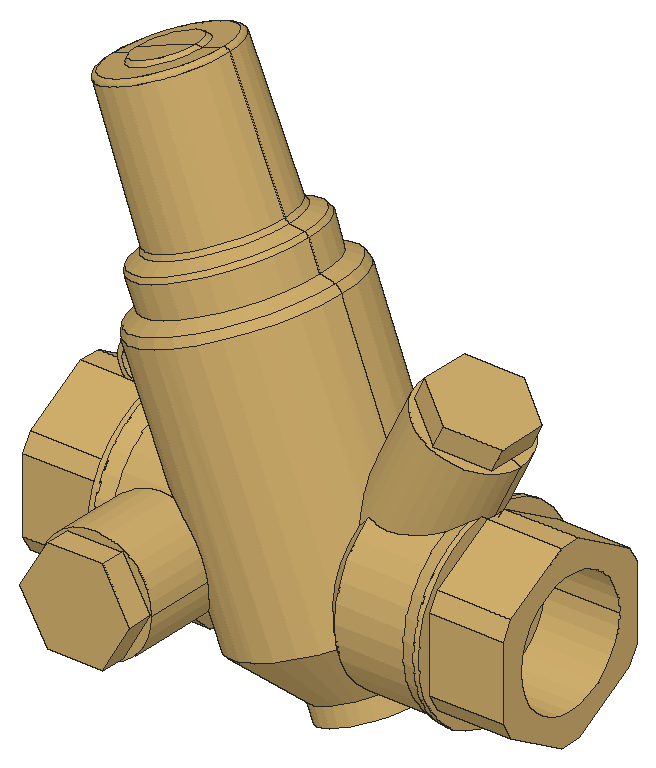
Revit family "PlumbingFixture_Valve_AVG_PRV20F", category Pipe Accessories, Revit 2017
Family settings
  Round Connector Dimension = Use Radius
  Part Type = Valve - Breaks Into
  OmniClass Number = 23.60.30.11.14
  OmniClass Title = Pipework Fittings
  Work Plane-Based = No
  Always vertical = Yes
  Cut with Voids When Loaded = No
  Shared = No
Parameters (values of type "Type 1")
  Yellow = Metal  - Brass
  Watermark_License_No. = "WMKA 2639"
  Watermark_Approval_Standard = "AS 1357.2"
  Waste Connection = no
  WFU = 0
  Vent Connection = no
  Valve_Model = "PRV15F"
  URL = "https://www.avg.net.au/"
  Tolerance_Mixed-Outlet_Temp (°C ) = "NA"
  Specify_Host = "Face"
  Set_Pressure (kPa) = "250, 500"
  Product_Type = "PRV20F"
  Product_Range = ""
  PlumbingMaterial_ANZRS = none
  PlumbingFinish = ""
  Plumbed_In_Box_Dimensions(mm) = "NA"
  Outlet_Type = "Rp 3/4\" female"
  Outlet_Size Radius = Outlet_Size / 2  # 10 mm
  Outlet_Size = 20 mm
  Outlet_Pressure_Range (kPa) = "250-650"
  Mounting = ""
  Minimum_Flow_Rate (l/min) = "NA"
  Min_Temp_Differential_Hot_to_Mixed (°C ) = "NA"
  Min_Temp_Differential_Cold_to_Mixed (°C ) = "NA"
  Min_Supply_Pressure_Imbalance (%) = "NA"
  Min_Supply_Pressure_Dynamic (kPa) = "NA"
  Max_Supply_Pressure_Static (kPa) = "1600"
  Max_Supply_Pressure_Dynamic (kPa) = "NA"
  Max_Flow_Rate (l/min) = "130, 30"
  Manufacturer_Phone_No = "1300-514-074"
  Manufacturer = "Australian Valve Group"
  Loss Method = Not Defined
  Inlet_Type = "Rp 3/4\" female"
  Inlet_Size Radius = Inlet_Size / 2  # 10 mm
  Inlet_Size = 20 mm
  Hot_Water_Supply_Temp (°C ) = "Max 80"
  HWFU = 0
  HW Connection = no
  FilterObject_ANZRS = ""
  Factory_Set_Pressure (kPa) = "500"
  Factory_Set_Mixed_Temp (°C ) = "NA"
  Description = "Pressure Reduction Valve assembly. 20mm female connection"
  Default Elevation = 0 mm
  D = 60 mm
  Comments_For_Revit = "Same Valve body"
  Cold_Water_Supply_Temp (°C ) = "NA"
  CategoryStyleOrType_ANZRS = ""
  CWFU = 0
  CW Connection = no
  C = 78 mm
  Bypass_Type = "NA"
  Bypass_Size = 0 mm
  B = 22 mm
  Adjustable_Mixed-Outlet_Temp (°C ) = "NA"
  A = 68 mm
Reference planes
  plane 1 "Center (Front/Back)": y = 0
  plane 2: z = 0
  plane 3 "Center (Left/Right)": x = 0
Forms (mm)
  Revolve 1, solid, material "Metal  - Brass" <- "Yellow"
    sketch origin (0, 0, 20.5) x (1, 0, 0) y (0, 0, 1)
      loop
        line (0, -20.5) -> (0, -8.267) -> (-10.038, -8.267) -> (-12.739, -5.566) -> (-23.738, -5.566) -> (-26.019, -4.862) -> (-26.87, -4.862) -> (-26.87, -20.5) -> (0, -20.5)
      axis (-26.87, -20.5) -> (0, -20.5)
    angle from 0 to 360
  Revolve 2, solid, material "Metal  - Brass" <- "Yellow", detail levels fine
    sketch origin (47.772, 0, 21.318) x (1, 0, 0) y (0, 0, 1)
      loop
        line (-35.036, -16.295) -> (-24.578, 5.147) -> (-32.357, 8.941) -> (-42.814, -12.501) -> (-35.036, -16.295)
      axis (-24.578, 5.147) -> (-35.036, -16.295)
    angle from 0 to 360
  Revolve 3, solid, material "Metal  - Brass" <- "Yellow"
    sketch origin (0, 0, -22) x (1, 0, 0) y (0, 0, 1)
      loop
        line (-26.481, 85.951) -> (-31.342, 83.961) -> (-31.619, 83.199) -> (-35.118, 81.767)
        arc (-35.118, 81.767) -> (-35.553, 81.341) -> (-35.569, 80.733) r 0.809
        line (-35.569, 80.733) -> (-27.57, 59.447) -> (-27.601, 58.523) -> (-29.25, 56.533) -> (-29.327, 55.579) -> (-27.417, 51) -> (-29.018, 48.83) -> (-29.003, 47.353) -> (-12.708, 7.379) -> (-1.439, 1.796) -> (-0.335, -1.057) -> (7.191, 2.016) -> (-26.481, 85.951)
      axis (-26.481, 85.951) -> (7.209, 1.97)
    angle from 0 to 360
  Revolve 4, solid, material "Metal  - Brass" <- "Yellow", detail levels fine
    sketch origin (0, 0, 20.5) x (-1, 0, 0) y (0, 0, -1)
      loop
        line (0, 20.5) -> (-26.87, 20.5) -> (-26.87, 4.862) -> (-26.019, 4.862) -> (-23.738, 5.566) -> (-12.739, 5.566) -> (-10.038, 8.267) -> (0, 8.267) -> (0, 20.5)
      axis (-26.87, 20.5) -> (0, 20.5)
    angle from 0 to 360
  Extrusion 5, solid, material "Metal  - Brass"
    sketch origin (0, 0, -22) x (1, 0, 0) y (0, 0, 1)
      loop
        circle (-17.346, 20.654) r 9.261
    from 11.752 to 25.946
  Extrusion 6, solid, material "Metal  - Brass"
    sketch origin (0, 0, -22) x (1, 0, 0) y (0, 0, 1)
      loop
        line (-21.816, 28.396) -> (-26.286, 20.654) -> (-21.816, 12.913) -> (-12.877, 12.913) -> (-8.407, 20.654) -> (-12.877, 28.396) -> (-21.816, 28.396)
    from 25.946 to 30
  Extrusion 7, solid, material "Metal  - Brass"
    sketch origin (0, 0, -22) x (1, 0, 0) y (0, 0, -1)
      loop
        circle (-17.346, -20.654) r 9.261
    from 11.752 to 25.946
  Extrusion 8, solid, material "Metal  - Brass"
    sketch origin (0, 0, -22) x (1, 0, 0) y (0, 0, -1)
      loop
        line (-21.816, -28.396) -> (-12.877, -28.396) -> (-8.407, -20.654) -> (-12.877, -12.913) -> (-21.816, -12.913) -> (-26.286, -20.654) -> (-21.816, -28.396)
    from 25.946 to 30
  Extrusion 9, solid, material "Metal  - Brass"
    sketch origin (24.78, 0, 29.716) x (0, 1, 0) y (-0.898794, 0, 0.438371)
      loop
        line (-4.021, 6.965) -> (-8.043, 0) -> (-4.021, -6.965) -> (4.021, -6.965) -> (8.043, 0) -> (4.021, 6.965) -> (-4.021, 6.965)
    from -3.617 to 0.412
  Extrusion 10, void
    sketch origin (39, 0, 23.937) x (0, 1, 0) y (0, 0, -1)
      loop
        circle (0, 23.938) r 6.559
    from -18.648 to 93.935
  Extrusion 11, solid, material "Metal  - Brass"
    sketch origin (0, 0, -22) x (0, 1, 0) y (0, 0, 1)
      loop
        circle (0, 22) r 15.637
    from -39 to -26.87
  Extrusion 12, solid, material "Metal  - Brass"
    sketch origin (0, 0, -22) x (0, 1, 0) y (0, 0, -1)
      loop
        circle (0, -22) r 15.637
    from -39 to -26.87
  Extrusion 13, solid, material "Metal  - Brass"
    sketch origin (0, 0, -22) x (1, 0, 0) y (0, 0, 1)
      loop
        circle (-29.266, 39.502) r 3
      loop
        arc (-25.528, 39.15) -> (-32.29, 41.726) -> (-27.815, 36.039) r 3.754
        line (-27.815, 36.039) -> (-26.019, 35.276) -> (-24.596, 35.276) -> (-24.596, 37.768) -> (-25.528, 39.15)
    from -1.795 to 1.795
  Extrusion 14, void
    sketch origin (-39, 0, -22) x (0, 1, 0) y (0, 0, 1)
      loop
        line (-13.471, 28.014) -> (-13.471, 15.986) -> (-11.944, 13.341) -> (-1.795, 7.481) -> (1.795, 7.481) -> (11.944, 13.341) -> (13.471, 15.986) -> (13.471, 28.014) -> (11.944, 30.659) -> (1.795, 36.519) -> (-1.795, 36.519) -> (-11.944, 30.659) -> (-13.471, 28.014)
      loop
        circle (0, 22) r 19.051
      loop
        circle (0, 22) r 10
    from 0 to 12.13
  Extrusion 15, void
    sketch origin (39, 0, -22) x (0, 1, 0) y (0, 0, -1)
      loop
        line (-13.471, -28.014) -> (-11.944, -30.659) -> (-1.795, -36.519) -> (1.795, -36.519) -> (11.944, -30.659) -> (13.471, -28.014) -> (13.471, -15.986) -> (11.944, -13.341) -> (1.795, -7.481) -> (-1.795, -7.481) -> (-11.944, -13.341) -> (-13.471, -15.986) -> (-13.471, -28.014)
      loop
        circle (0, -22) r 19.051
      loop
        circle (0, -22) r 10
    from 0 to 12.13
Cuts and joins
  Extrusion 10 cuts Revolve 1
  Extrusion 10 cuts Revolve 3
  Extrusion 10 cuts Revolve 4
  Extrusion 10 cuts Revolve 2
  Extrusion 14 cuts Extrusion 11
  Extrusion 15 cuts Extrusion 12
Dimensions and locks
  "Inlet_Size Radius": radius of Extrusion 15 sketch curve
  "Inlet_Size Radius": radius of Extrusion 14 sketch curve
Automatic sketch dimensions
  Revolve 1 sketch curve to level = 0 mm  (x2)
  Revolve 1 sketch curve to plane 3 "Center (Left/Right)" = 0 mm
  Revolve 1 sketch curve to plane 3 "Center (Left/Right)" = 10.038 mm
  Revolve 1 sketch curve to Revolve 1 sketch curve = 2.701 mm  (x2)
  Revolve 1 sketch curve to Revolve 1 sketch curve = 10.999 mm
  Revolve 1 sketch curve to Revolve 1 sketch curve = 2.281 mm
  Revolve 1 sketch curve to Revolve 1 sketch curve = 3.132 mm
  level to Revolve 1 sketch curve = 12.233 mm
  Revolve 1 sketch curve to Revolve 1 sketch curve = 0.703 mm
  Revolve 1 sketch curve to Revolve 1 sketch curve = 25.086 mm
  Revolve 1 sketch curve to Revolve 1 sketch curve = 10 mm
  plane 3 "Center (Left/Right)" to Revolve 2 sketch curve = 4.958 mm
  level to Revolve 2 sketch curve = 5.024 mm
  Revolve 2 sketch curve to Revolve 2 sketch curve = 7.779 mm
  plane 3 "Center (Left/Right)" to Revolve 2 sketch curve = 15.416 mm
  Revolve 2 sketch curve to Revolve 2 sketch curve = 3.794 mm
  Revolve 2 sketch curve to Revolve 2 sketch curve = 2.951 mm
  Revolve 2 sketch curve to Revolve 2 sketch curve = 0 mm  (x2)
  Revolve 2 sketch curve to Revolve 2 sketch curve = 6.05 mm
  Revolve 3 sketch curve to plane 3 "Center (Left/Right)" = 35.569 mm
  Revolve 3 sketch curve to Revolve 3 sketch curve = 0.451 mm
  Revolve 3 sketch curve to Revolve 3 sketch curve = 0.307 mm
  Revolve 3 sketch curve to Revolve 3 sketch curve = 3.499 mm
  Revolve 3 sketch curve to Revolve 3 sketch curve = 0.277 mm
  Revolve 3 sketch curve to Revolve 3 sketch curve = 6.242 mm
  Revolve 3 sketch curve to Revolve 3 sketch curve = 0.077 mm
  Revolve 3 sketch curve to Revolve 3 sketch curve = 0.309 mm
  Revolve 3 sketch curve to Revolve 3 sketch curve = 0.015 mm
  Revolve 3 sketch curve to Revolve 3 sketch curve = 1.649 mm
  Revolve 3 sketch curve to Revolve 3 sketch curve = 0.031 mm
  Revolve 3 sketch curve to Revolve 3 sketch curve = 1.602 mm
  Revolve 3 sketch curve to Revolve 3 sketch curve = 4.861 mm
  Revolve 3 sketch curve to plane 3 "Center (Left/Right)" = 12.708 mm
  Revolve 3 sketch curve to plane 3 "Center (Left/Right)" = 1.439 mm
  Revolve 3 sketch curve to plane 3 "Center (Left/Right)" = 0.335 mm
  plane 3 "Center (Left/Right)" to Revolve 3 sketch curve = 7.191 mm
  Revolve 3 sketch curve to level = 23.057 mm
  Revolve 3 sketch curve to Revolve 3 sketch curve = 2.853 mm
  Revolve 3 sketch curve to Revolve 3 sketch curve = 3.073 mm
  Revolve 3 sketch curve to Revolve 3 sketch curve = 5.583 mm
  level to Revolve 3 sketch curve = 25.353 mm
  Revolve 3 sketch curve to Revolve 3 sketch curve = 1.477 mm
  Revolve 3 sketch curve to Revolve 3 sketch curve = 2.17 mm
  Revolve 3 sketch curve to Revolve 3 sketch curve = 4.579 mm
  Revolve 3 sketch curve to Revolve 3 sketch curve = 0.954 mm
  Revolve 3 sketch curve to Revolve 3 sketch curve = 1.99 mm  (x2)
  Revolve 3 sketch curve to Revolve 3 sketch curve = 0.923 mm
  Revolve 3 sketch curve to Revolve 3 sketch curve = 21.287 mm
  Revolve 3 sketch curve to Revolve 3 sketch curve = 0.285 mm
  Revolve 3 sketch curve to Revolve 3 sketch curve = 1.432 mm
  Revolve 3 sketch curve to Revolve 3 sketch curve = 0.762 mm
  Revolve 3 sketch curve to Revolve 3 sketch curve = 0.586 mm
  Revolve 3 sketch curve to plane 3 "Center (Left/Right)" = 9.973 mm
  Revolve 3 sketch curve to Revolve 3 sketch curve = 6.198 mm
  Revolve 3 sketch curve to Revolve 3 sketch curve = 1.461 mm
  Revolve 4 sketch curve to level = 0 mm  (x2)
  Revolve 4 sketch curve to plane 3 "Center (Left/Right)" = 0 mm
  Revolve 4 sketch curve to Revolve 4 sketch curve = 10.038 mm
  Revolve 4 sketch curve to Revolve 4 sketch curve = 2.701 mm  (x2)
  Revolve 4 sketch curve to Revolve 4 sketch curve = 10.999 mm
  Revolve 4 sketch curve to Revolve 4 sketch curve = 2.281 mm
  Revolve 4 sketch curve to Revolve 4 sketch curve = 3.132 mm
  level to Revolve 4 sketch curve = 12.233 mm
  Revolve 4 sketch curve to Revolve 4 sketch curve = 0.703 mm
  Revolve 4 sketch curve to Revolve 4 sketch curve = 25.086 mm
  Revolve 4 sketch curve to Revolve 4 sketch curve = 10 mm
  Extrusion 5 sketch curve to level = 1.346 mm
  Extrusion 5 sketch curve to plane 3 "Center (Left/Right)" = 17.346 mm
  Extrusion 6 sketch curve to level = 1.346 mm  (x2)
  Extrusion 6 sketch curve to plane 3 "Center (Left/Right)" = 26.286 mm
  level to Extrusion 6 sketch curve = 6.396 mm
  Extrusion 6 sketch curve to Extrusion 6 sketch curve = 4.47 mm  (x2)
  Extrusion 6 sketch curve to level = 9.087 mm
  Extrusion 6 sketch curve to Extrusion 6 sketch curve = 8.939 mm  (x2)
  Extrusion 6 sketch curve to plane 3 "Center (Left/Right)" = 8.407 mm
  Extrusion 7 sketch curve to level = 1.346 mm
  Extrusion 7 sketch curve to plane 3 "Center (Left/Right)" = 17.346 mm
  Extrusion 8 sketch curve to level = 1.346 mm  (x2)
  Extrusion 8 sketch curve to plane 3 "Center (Left/Right)" = 26.286 mm
  level to Extrusion 8 sketch curve = 6.396 mm
  Extrusion 8 sketch curve to Extrusion 8 sketch curve = 4.47 mm  (x2)
  Extrusion 8 sketch curve to level = 9.087 mm
  Extrusion 8 sketch curve to Extrusion 8 sketch curve = 8.939 mm  (x2)
  Extrusion 8 sketch curve to plane 3 "Center (Left/Right)" = 8.407 mm
  plane 1 "Center (Front/Back)" to Extrusion 9 sketch curve = 8.043 mm
  plane 1 "Center (Front/Back)" to Extrusion 9 sketch curve = 4.021 mm  (x2)
  Extrusion 9 sketch curve to plane 1 "Center (Front/Back)" = 4.021 mm  (x2)
  Extrusion 9 sketch curve to Extrusion 9 sketch curve = 4.021 mm
  Extrusion 9 sketch curve to Extrusion 9 sketch curve = 6.965 mm  (x3)
  Extrusion 10 sketch curve to level = 0 mm
  Extrusion 10 sketch curve to plane 1 "Center (Front/Back)" = 0 mm
  Extrusion 11 sketch curve to level = 0 mm
  Extrusion 11 sketch curve to plane 1 "Center (Front/Back)" = 0 mm
  Extrusion 12 sketch curve to level = 0 mm
  Extrusion 12 sketch curve to plane 1 "Center (Front/Back)" = 0 mm
  Extrusion 13 sketch curve to Extrusion 13 sketch curve = 0 mm  (x2)
  Extrusion 13 sketch curve to plane 3 "Center (Left/Right)" = 29.266 mm
  level to Extrusion 13 sketch curve = 14.039 mm
  Extrusion 13 sketch curve to Extrusion 13 sketch curve = 1.451 mm
  Extrusion 13 sketch curve to Extrusion 13 sketch curve = 1.796 mm
  level to Extrusion 13 sketch curve = 17.15 mm
  Extrusion 13 sketch curve to Extrusion 13 sketch curve = 3.738 mm
  Extrusion 13 sketch curve to Extrusion 13 sketch curve = 0.932 mm
  Extrusion 13 sketch curve to Extrusion 13 sketch curve = 0.762 mm
  Extrusion 13 sketch curve to Extrusion 13 sketch curve = 1.382 mm
  Extrusion 14 sketch curve to Extrusion 14 sketch curve = 0 mm  (x2)
  Extrusion 14 sketch curve to level = 0 mm
  Extrusion 14 sketch curve to plane 1 "Center (Front/Back)" = 0 mm
  plane 1 "Center (Front/Back)" to Extrusion 14 sketch curve = 1.795 mm  (x2)
  Extrusion 14 sketch curve to Extrusion 14 sketch curve = 10.149 mm  (x4)
  Extrusion 14 sketch curve to level = 6.014 mm  (x2)
  Extrusion 14 sketch curve to Extrusion 14 sketch curve = 1.527 mm  (x2)
  Extrusion 14 sketch curve to plane 1 "Center (Front/Back)" = 1.795 mm  (x2)
  Extrusion 14 sketch curve to Extrusion 14 sketch curve = 2.645 mm  (x4)
  Extrusion 14 sketch curve to Extrusion 14 sketch curve = 5.86 mm  (x2)
  level to Extrusion 14 sketch curve = 6.014 mm  (x2)
  Extrusion 15 sketch curve to Extrusion 15 sketch curve = 0 mm  (x2)
  Extrusion 15 sketch curve to level = 0 mm
  Extrusion 15 sketch curve to plane 1 "Center (Front/Back)" = 0 mm
  plane 1 "Center (Front/Back)" to Extrusion 15 sketch curve = 1.795 mm  (x2)
  Extrusion 15 sketch curve to Extrusion 15 sketch curve = 10.149 mm  (x4)
  Extrusion 15 sketch curve to level = 6.014 mm  (x2)
  Extrusion 15 sketch curve to Extrusion 15 sketch curve = 1.527 mm  (x2)
  Extrusion 15 sketch curve to plane 1 "Center (Front/Back)" = 1.795 mm  (x2)
  level to Extrusion 15 sketch curve = 6.014 mm  (x2)
  Extrusion 15 sketch curve to Extrusion 15 sketch curve = 2.645 mm  (x4)
  Extrusion 15 sketch curve to Extrusion 15 sketch curve = 5.86 mm  (x2)
  radius of Extrusion 5 sketch curve = 9.261 mm
  radius of Extrusion 7 sketch curve = 9.261 mm
  radius of Extrusion 10 sketch curve = 6.559 mm
  radius of Extrusion 11 sketch curve = 15.637 mm
  radius of Extrusion 12 sketch curve = 15.637 mm
  radius of Extrusion 13 sketch curve = 3 mm
  radius of Extrusion 14 sketch curve = 19.051 mm
  radius of Extrusion 15 sketch curve = 19.051 mm
Connectors
  piping at (-39, 0, 0), diameter 20, driven by "Outlet_Size Radius"
    settings: on Extrusion 11, index 1, connector inside diameter 609.6 mm, connector length 0 mm, flow factor 0, pipe flow 0.0 L/s, pressure drop 0.0 Pa, fitting loss kfactor 0, connector angle 0.00°, fixture units 0, engagement length 0 mm, angle of deflection 0.00°, flow configuration 0, flow direction 1, fitting loss method 0, system type 20, joint type 0, gender type 0, connector reference index -1, connector utility 0, adjustable connector no, is connector primary yes, connector description ""
  piping at (39, 0, 0), diameter 20, driven by "Inlet_Size Radius"
    settings: on Extrusion 12, index 2, connector inside diameter 609.6 mm, connector length 0 mm, flow factor 0, pipe flow 0.0 L/s, pressure drop 0.0 Pa, fitting loss kfactor 0, connector angle 0.00°, fixture units 0, engagement length 0 mm, angle of deflection 0.00°, flow configuration 0, flow direction 2, fitting loss method 0, system type 20, joint type 0, gender type 0, connector reference index -1, connector utility 0, adjustable connector no, is connector primary no, connector description ""
